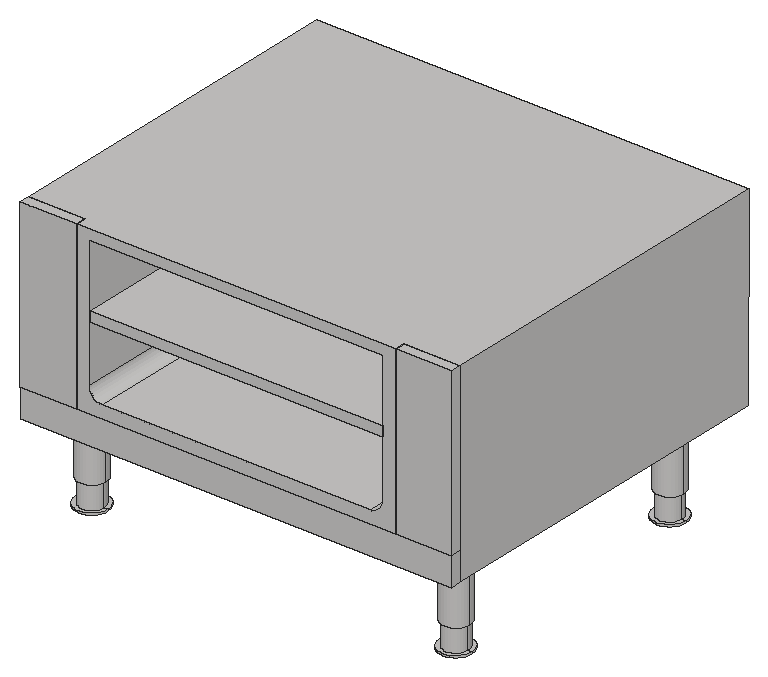
Revit family "QF_ELECTROLUXPROFESSIONAL_589801_MC1GCAJOOM", category Attrezzature speciali, Revit 2021
Family settings
  Quota connettore circolare = Usa diametro
  Tipo di parte = Normale
  Basato su piano di lavoro = No
  Sempre verticale = Sì
  Taglio con vuoti quando caricato = No
  Condiviso = No
  Punto di calcolo locali = No
Parameters (values of type "Standard")
  Weight = 24.00 kg
  Watts = 0 W
  Volts = 0 V
  URL Manufacturer = "https://www.electroluxprofessional.com/"
  URL = "https://www.electroluxprofessional.com/"
  Steam Supply Size = 0"
  Steam Supply Minimum Pressure = 0.00 psi
  Steam Supply Maximum Pressure = 0.00 psi
  Steam Consumption per Hour = 0
  Refrigeration Suction Line Size = 0 mm
  Refrigeration Liquid Line Size = 0 mm
  Refrigerant Compressor Remote = yes
  Prospetto di default = 0 mm
  Phase = 0
  Modello = "MC1GCAJOOM"
  Produttore = "Electrolux Professional"
  Length Actual = 1000 mm  # constant formula
  Item Number = "589801"
  Hot Water Size = 0"
  Height Actual = 450 mm  # constant formula
  HP = "0 HP"
  Gas Size = 0"
  Gas KW = 0
  Gas Input Pressure = 0.0 Btu/h
  Direct Waste Size = 0"
  Descrizione = "OPEN BASE,H3,1S,1000X900X450 MARINE"
  Depth Actual = 900 mm  # constant formula
  Cycle = 0 Hz
  Condensate Return Size = 0"
  Compressed Air Volume = 0 GPM
  Compressed Air Size = 0"
  Compressed Air Pressure = 0.00 psi
  Cold Water Size = 0"
  Accessory = yes
Reference planes
  plane 1 "BACK": y = 0
  plane 2: z = 0
  plane 3 "LEFT": x = 0
  plane 4 "RIGHT": x = 1000
  plane 5 "FRONT": y = -900
  plane 6 "PLAIN": z = 900
  plane 7 "Center (Left/Right)": x = 500
  plane 8 "Center (Front/Back)": y = -450
  plane 9 "TOP": z = 650
  plane 10 "BASE": z = 200
  plane 11: x = 922
  plane 12: x = 78
  plane 13 "Feet_back": y = -150
  plane 14 "Feet_Front": y = -770
  plane 15: x = 130
  plane 16: x = 870
  plane 17: z = 265
  plane 18: y = -20
  plane 19: y = -855
  plane 20: y = -45
  plane 21: y = -880
Forms (mm)
  Extrusion 1, solid, material "QF_Finishes_Stainless Steel"
    sketch origin (0, 0, 650) x (0, 1, 0) y (0, 0, 1)
      loop
        line (-20, -450) -> (-20, 0) -> (-855, 0) -> (-855, -450) -> (-20, -450)
    from 0 to 1000
  Extrusion 2, solid, material "QF_Finishes_Stainless Steel"
    sketch origin (0, 0, 650) x (0, 1, 0) y (0, 0, 1)
      loop
        line (-880, -450) -> (-855, -450) -> (-855, -385) -> (-880, -385) -> (-880, -450)
    from 0 to 1000
  Extrusion 3, void
    sketch origin (0, -900, 0) x (1, 0, 0) y (0, 0, 1)
      loop
        line (130, 650) -> (130, 265) -> (870, 265) -> (870, 650) -> (130, 650)
    from 0 to -855
  Extrusion 4, solid, material "QF_Finishes_Stainless Steel"
    sketch origin (0, -900, 0) x (1, 0, 0) y (0, 0, 1)
      loop
        line (160, 650) -> (160, 627) -> (840, 627) -> (840, 650) -> (160, 650)
    from -20 to -880
  Extrusion 5, solid, material "QF_Finishes_Stainless Steel"
    sketch origin (0, -900, 0) x (1, 0, 0) y (0, 0, 1)
      loop
        line (130, 650) -> (130, 265) -> (870, 265) -> (870, 650) -> (840, 650) -> (840, 325)
        arc (840, 325) -> (831.213, 303.787) -> (810, 295) r 30
        line (810, 295) -> (190, 295)
        arc (190, 295) -> (168.787, 303.787) -> (160, 325) r 30
        line (160, 325) -> (160, 650) -> (130, 650)
    from -20 to -855
  Extrusion 6, solid, material "QF_Finishes_Stainless Steel"
    sketch origin (0, -900, 0) x (1, 0, 0) y (0, 0, 1)
      loop
        line (0, 650) -> (0, 265) -> (130, 265) -> (130, 650) -> (0, 650)
    from -20 to -45
  Extrusion 7, solid, material "QF_Finishes_Stainless Steel"
    sketch origin (0, -900, 0) x (1, 0, 0) y (0, 0, 1)
      loop
        line (870, 650) -> (870, 265) -> (1000, 265) -> (1000, 650) -> (870, 650)
    from -20 to -45
  Extrusion 8, solid, material "QF_Finishes_Stainless Steel"
    sketch origin (0, -900, -170) x (1, 0, 0) y (0, 0, 1)
      loop
        line (160, 650) -> (160, 627) -> (840, 627) -> (840, 650) -> (160, 650)
    from -20 to -855
Cuts and joins
  Extrusion 3 cuts Extrusion 1
  joined: Extrusion 1, Extrusion 4, Extrusion 5
Lines and regions (mm)
  symbolic lines, style "SpecialityEquipmentHiddenLines"
    curve 1: line (0, 0, 0) -> (1000, 0, 0)
    curve 2: line (0, -900, 0) -> (0, 0, 0)
    curve 3: line (1000, -900, 0) -> (0, -900, 0)
    curve 4: line (1000, 0, 0) -> (1000, -900, 0)
Dimensions and locks
  plane 3 "LEFT" to plane 4 "RIGHT" = 1000 mm
  plane 5 "FRONT" to plane 1 "BACK" = 900 mm
  equal spacing: plane 3 "LEFT", plane 7 "Center (Left/Right)", plane 4 "RIGHT"
  equal spacing: plane 5 "FRONT", plane 8 "Center (Front/Back)", plane 1 "BACK"
  plane 6 "PLAIN" to plane 9 "TOP" = 250 mm
  plane 10 "BASE" to level = 200 mm
  plane 9 "TOP" to plane 10 "BASE" = 450 mm
  locked: plane 1 "BACK" to plane 13 "Feet_back" at 150
  locked: plane 14 "Feet_Front" to plane 5 "FRONT" at 130
  locked: plane 12 to plane 3 "LEFT" at 78
  locked: plane 11 to plane 4 "RIGHT" at 78
  plane 16 to plane 15 = 740 mm
  equal spacing: plane 16, plane 7 "Center (Left/Right)", plane 15
  locked: plane 17 to plane 10 "BASE" at 65
  locked: plane 1 "BACK" to plane 18 at 20
  plane 9 "TOP" to Extrusion 4 sketch curve = 23 mm
  locked: Extrusion 4 sketch curve to plane 15 at 30
  locked: plane 16 to Extrusion 4 sketch curve at 30
  locked: Extrusion 5 sketch curve to plane 17 at 30
  plane 6 "PLAIN" to level = 900 mm
  Extrusion 5 to Extrusion 5 = 680 mm
  locked: plane 18 to plane 20 at 25
  locked: plane 21 to plane 5 "FRONT" at 20
  locked: plane 19 to plane 21 at 25
  plane 18 to plane 21 = 860 mm
  aligned and locked: level to plane 2
  aligned and locked: Extrusion 1 to plane 4 "RIGHT"
  aligned and locked: Extrusion 1 to plane 3 "LEFT"
  aligned and locked: Extrusion 2 to plane 4 "RIGHT"
  aligned and locked: plane 9 "TOP" to Extrusion 3 sketch curve
  aligned and locked: Extrusion 3 sketch curve to plane 15
  aligned and locked: plane 16 to Extrusion 3 sketch curve
  aligned and locked: Extrusion 2 to plane 10 "BASE"
  aligned and locked: Extrusion 2 to plane 17
  aligned and locked: plane 17 to Extrusion 3 sketch curve
  aligned and locked: Extrusion 4 to plane 18
  aligned and locked: Extrusion 5 sketch curve to plane 15
  aligned and locked: plane 16 to Extrusion 5 sketch curve
  aligned and locked: plane 9 "TOP" to Extrusion 5 sketch curve  (x2)
  aligned and locked: plane 17 to Extrusion 5 sketch curve
  aligned and locked: Extrusion 5 sketch curve to Extrusion 4  (x2)
  aligned and locked: Extrusion 6 sketch curve to plane 9 "TOP"
  aligned and locked: plane 3 "LEFT" to Extrusion 6 sketch curve
  aligned and locked: Extrusion 6 sketch curve to plane 17
  aligned and locked: Extrusion 6 sketch curve to plane 15
  aligned and locked: Extrusion 7 sketch curve to plane 9 "TOP"
  aligned and locked: plane 16 to Extrusion 7 sketch curve
  aligned and locked: Extrusion 7 sketch curve to plane 17
  aligned and locked: plane 4 "RIGHT" to Extrusion 7 sketch curve
  aligned and locked: Extrusion 5 to plane 20
  aligned and locked: cut or joined group of Extrusion 1, Extrusion 3, Extrusion 4, Extrusion 5 to plane 20
  aligned and locked: cut or joined group of Extrusion 1, Extrusion 3, Extrusion 4, Extrusion 5 to plane 18
  aligned and locked: Extrusion 6 to plane 19
  aligned and locked: plane 21 to Extrusion 6
  aligned and locked: plane 21 to Extrusion 5
  aligned and locked: plane 21 to Extrusion 7
  aligned and locked: Extrusion 7 to plane 19
  aligned and locked: Extrusion 2 to plane 19
  aligned and locked: plane 21 to Extrusion 2
  aligned and locked: plane 21 to cut or joined group of Extrusion 1, Extrusion 3, Extrusion 4, Extrusion 5
  aligned and locked: Extrusion 8 to plane 20
  aligned and locked: plane 12 to nested 3
  aligned and locked: plane 12 to nested 1
  aligned and locked: plane 11 to nested 4
  aligned and locked: plane 11 to nested 2
Automatic sketch dimensions
  curve 3 to plane 3 "LEFT" = 0 mm
  curve 3 to plane 4 "RIGHT" = 0 mm
  plane 5 "FRONT" to curve 3 = 0 mm
  plane 1 "BACK" to curve 2 = 0 mm
  Extrusion 1 sketch curve to plane 10 "BASE" = 0 mm
  Extrusion 1 sketch curve to plane 19 = 0 mm
  Extrusion 1 sketch curve to plane 18 = 0 mm
  Extrusion 1 sketch curve to plane 9 "TOP" = 0 mm
  plane 17 to Extrusion 2 sketch curve = 0 mm
  Extrusion 2 sketch curve to plane 21 = 0 mm
  Extrusion 2 sketch curve to plane 10 "BASE" = 0 mm
  Extrusion 2 sketch curve to plane 19 = 0 mm
  Extrusion 4 sketch curve to plane 9 "TOP" = 0 mm
  Extrusion 5 sketch curve to Extrusion 5 sketch curve = 30 mm  (x2)
  plane 15 to Extrusion 8 sketch curve = 30 mm
  Extrusion 8 sketch curve to plane 16 = 30 mm
  Extrusion 8 sketch curve to plane 9 "TOP" = 193 mm
  Extrusion 8 sketch curve to Extrusion 8 sketch curve = 23 mm
Nested families
  nested 1: "FEET200_MARINE" at (78, -150, 0), type "FEET200_MARINE"
  nested 2: "FEET200_MARINE" at (922, -150, 0), type "FEET200_MARINE"
  nested 3: "FEET200_MARINE" at (78, -770, 0), type "FEET200_MARINE"
  nested 4: "FEET200_MARINE" at (922, -770, 0), type "FEET200_MARINE"
Definition of nested family "FEET200_MARINE"
  Parameters (values of type "FEET200_MARINE")
    Default Elevation = 0 mm
    FEET = 200 mm
  Reference planes
    plane 1 "Center (Front/Back)": y = 0
    plane 2: z = 0
    plane 3 "Center (Left/Right)": x = 0
    plane 4: z = 200
  Forms (mm)
    Revolve 1, solid
      sketch origin (0, 0, 0) x (1, 0, 0) y (0, 0, 1)
        loop
          line (0, 200) -> (-38, 200) -> (-38, 196) -> (-33, 196) -> (-33, 59) -> (-28, 59) -> (-28, 4) -> (-38, 4) -> (-38, 0) -> (0, 0) -> (0, 200)
        axis (0, 0) -> (0, 200)
      angle from 0 to 360
  Lines and regions (mm)
    symbolic lines
      curve 1: line (0, -1.503, 0) -> (0, 1.508, 0)
      curve 2: line (1.561, 0, 0) -> (-1.439, 0, 0)
  Dimensions and locks
    "FEET": plane 4 to plane 2
    aligned and locked: level to plane 2
  Automatic sketch dimensions
    plane 1 "Center (Front/Back)" to curve 2 = 0 mm
    curve 1 to plane 3 "Center (Left/Right)" = 0 mm
    curve 2 to plane 3 "Center (Left/Right)" = 1.439 mm
    plane 3 "Center (Left/Right)" to curve 2 = 1.561 mm
    plane 1 "Center (Front/Back)" to curve 1 = 1.503 mm
    curve 1 to plane 1 "Center (Front/Back)" = 1.508 mm
    Revolve 1 sketch curve to plane 4 = 0 mm
    Revolve 1 sketch curve to level = 0 mm  (x2)
    Revolve 1 sketch curve to plane 3 "Center (Left/Right)" = 0 mm  (x2)
    Revolve 1 sketch curve to plane 3 "Center (Left/Right)" = 28 mm
    Revolve 1 sketch curve to Revolve 1 sketch curve = 5 mm  (x2)
    level to Revolve 1 sketch curve = 4 mm
    Revolve 1 sketch curve to Revolve 1 sketch curve = 10 mm
    Revolve 1 sketch curve to Revolve 1 sketch curve = 55 mm
    plane 4 to Revolve 1 sketch curve = 40 mm
    Revolve 1 sketch curve to plane 4 = 4 mm
